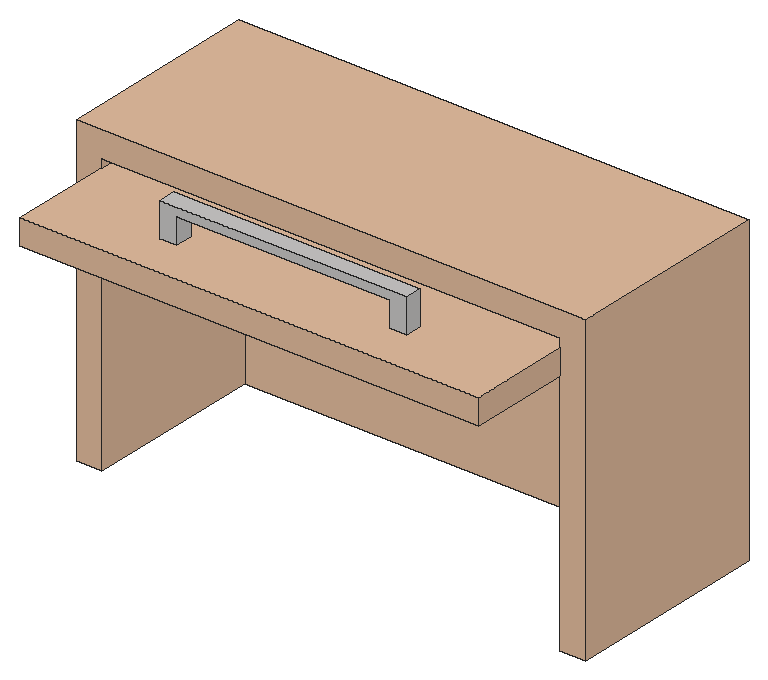
Revit family "garage", category Generic Models, Revit 2017
Family settings
  Can host rebar = No
  Round Connector Dimension = Use Diameter
  Part Type = Normal
  Work Plane-Based = No
  Always vertical = Yes
  Cut with Voids When Loaded = No
  Shared = No
  Room Calculation Point = No
Reference planes (in)
  plane 1 "Center (Front/Back)": y = 0
  plane 2: z = 0
  plane 3 "Center (Left/Right)": x = 0
Forms (in)
  Extrusion 1, solid, material "1wood"
    sketch origin (0, 0, 0) x (1, 0, 0) y (0, 1, 0)
      loop
        line (0, 0) -> (30, 0) -> (30, 12) -> (0, 12) -> (0, 0)
    from 0 to 18
  Extrusion 2, void
    sketch origin (0, 0, 0) x (1, 0, 0) y (0, 1, 0)
      loop
        line (1.5, 0) -> (28.5, 0) -> (28.5, 10.5) -> (1.5, 10.5) -> (1.5, 0)
    from 0 to 16.5
  Extrusion 3, solid, material "1wood"
    sketch origin (0, 0, 0) x (1, 0, 0) y (0, 1, 0)
      loop
        line (1.5, 10.5) -> (1.5, -6) -> (28.5, -6) -> (28.5, 10.5) -> (1.5, 10.5)
    from 14.5 to 16
  Extrusion 4, solid, material "1handle"
    sketch origin (0, 0, 0) x (1, 0, 0) y (0, 1, 0)
      loop
        line (7.75, -2.5) -> (7.75, -3.5) -> (8.75, -3.5) -> (8.75, -2.5) -> (7.75, -2.5)
      loop
        line (22.25, -2.5) -> (21.25, -2.5) -> (21.25, -3.5) -> (22.25, -3.5) -> (22.25, -2.5)
    from 16 to 17.5
  Extrusion 5, solid, material "1handle"
    sketch origin (0, 0, 0) x (1, 0, 0) y (0, 1, 0)
      loop
        line (7.75, -3.5) -> (22.25, -3.5) -> (22.25, -2.5) -> (7.75, -2.5) -> (7.75, -3.5)
    from 17.5 to 18
Cuts and joins
  Extrusion 2 cuts Extrusion 1
  joined: Extrusion 4, Extrusion 5
Dimensions and locks (in)
  aligned and locked: plane 2 to level
